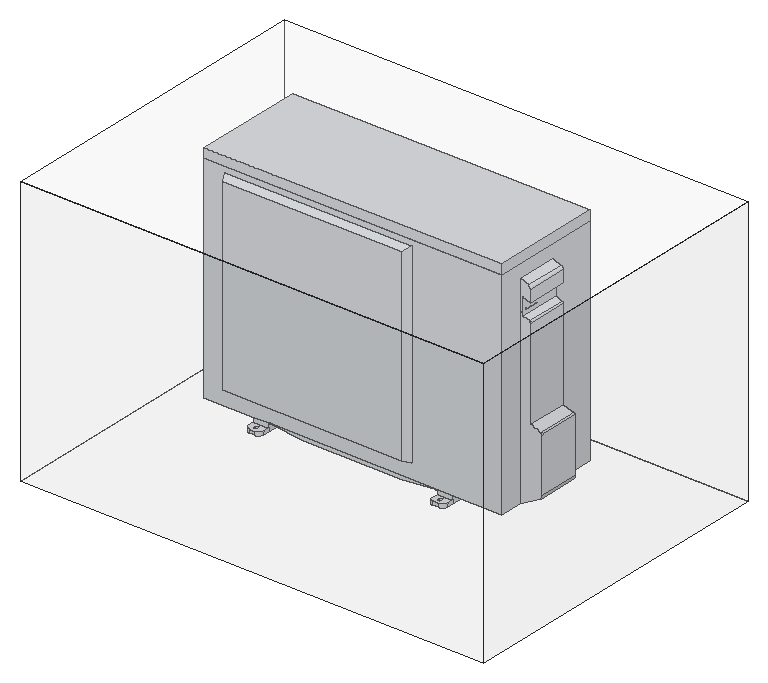
Revit family "puz-ermp40_63ska12_50Hz", category 機械設備, Revit 2019
Family settings
  丸型コネクタ寸法 = 直径を使用
  パーツ タイプ = 標準
  OmniClass 番号 = 23.75.10.24.21.27.27
  OmniClass タイトル = Split System Air Conditioning Units
  作業面ベース = いいえ
  常に垂直 = はい
  ロード時にボイドで切り取り = いいえ
  共有 = いいえ
  部屋計算ポイント = いいえ
Parameters (values of type "PUZ-ERMP63KA12")
  音響パワーレベル（冷）(dB) = 65
  音響パワーレベル(dB) = 67
  電源種別 = ""
  電源位置Y = 61 mm
  電源位置Z = 497.7 mm
  電源位置X = 400 mm
  電圧 = 200 V
  電動機出力_送風機 = 0.04 kW
  電動機出力_圧縮機 = 1.3 kW
  集中コントローラ [instance] = ""
  運転質量 = 0.00 kg
  運転方法 = "冷暖切替"
  質量 = if(製品質量 > 運転質量, 製品質量, 運転質量) * 1.2  # 46.80 kg
  負荷分類 = 1_熱源類
  説明 = "空冷H/P PAC インバータ室外機"
  設計暖房能力 [instance] = 0 kW
  設計冷房能力_顕熱 [instance] = 0 kW
  設計冷房能力 [instance] = 0 kW
  設置方法 = "床置形"
  記号 [instance] = ""
  製造元 = "三菱電機株式会社"
  製品質量 = 39.00 kg
  製品出荷対象 = "国内"
  製品リリース年月 = "2022/10/11"
  製品グループ = ""
  系統 [instance] = ""
  符号 = "PAC"
  積算_科目 = "1 空気調和設備"
  積算_拾い区分 [instance] = ""
  相 = 3
  盤記号 [instance] = ""
  発停方法 = "付属スイッチ"
  特殊仕様 [instance] = ""
  消費電力_暖房 = 1.4 kW
  消費電力_冷房 = 1.38 kW
  消費電力 = if(消費電力_冷房 > 消費電力_暖房, 消費電力_冷房, 消費電力_暖房)  # 1.4 kW
  法定耐用年数 = "6"
  構成品番 = "PUZ-ERMP63KA"
  極数 = 3
  材質 [instance] = ""
  本体マテリアル = none
  最小電線太さ_mm2 = 1.6
  最大電流値 = 0 A
  暖房能力 = 6.3 kW
  推奨ブレーカー容量 = 15 A
  据付ピッチ1 = 0 mm
  形式 = "パッケージ形 室外機"
  形名 = PUZ-ZRMP-1 : PUZ-ZRMP-1
  幹線記号 [instance] = ""
  始動方式 = "インバータ始動方式"
  呼称 = "パッケージ形空気調和機_室外機"
  周波数 = 50 Hz
  価格 = 659000
  ドレン　位置Z = 8.5 mm
  ドレン　位置Y = 48.5 mm
  ドレン　位置X = 404.5 mm
  アンカーボルト位置Y = 330 mm
  アンカーボルト位置X = 500 mm
  参照している仕様書等のバージョン = "公共建築物標準仕様書（機械設備工事編）平成31年度版"
  分類コード = "50053003126100"
  分類グループ = ""
  冷房能力 = 5.6 kW
  冷媒管（ガス）位置X = 420 mm
  冷媒管（液）位置X = 420 mm
  冷媒管（液）位置Y = 153.75 mm
  冷媒管（ガス）位置Y = 153.75 mm
  冷媒管長 [instance] = 0 mm
  冷媒管径符号 = "Ac"
  冷媒管径 = 60.00 mm
  冷媒管位置Z = 158.95 mm
  冷媒管位置Y = (冷媒管（液）位置Y + 冷媒管（ガス）位置Y) / 2  # 153.75 mm
  冷媒管位置X = (冷媒管（液）位置X + 冷媒管（ガス）位置X) / 2  # 420 mm
  冷媒液管径 = 6.35 mm
  冷媒ガス管径 = 12.70 mm
  企業コード = "108420"
  付属品 [instance] = ""
  仕様書バージョン = "Version1.0"
  ユニット数 = 1
  ユニット3 = yes
  ユニット2 = yes
  Model = ""
  ドレン管径 = 42.00 mm
  サービススペース = yes
  コメント [instance] = ""
  ケーブル種類1 = ""
  Width = 809 mm
  Version = ""
  Uniclass2015Version = "Systems v1.9"
  Uniclass2015Title = "Split coil remote air cooled condensing units"
  Uniclass2015Code = "Pr_70_65_03_84"
  URL = "https://www.mitsubishielectric.co.jp/ldg/wink/ssl/displayProduct.do?pid=323565"
  SpecificationReference = ""
  SpecificationDescription = ""
  Revision = ""
  ProductInformation = ""
  OmniClassCode = "23-33 17 13 11"
  IfcTypeProduct = ""
  IfcProduct = ""
  IfcExportType = "AIRCONDITIONINGUNIT"
  IfcExportAs = "IfcUnitaryEquipmentType"
  Height = 630 mm
  Depth = 300 mm
  Clearance Top = 100 mm
  Clearance Right = 350 mm
  Clearance Left = 100 mm
  Clearance Front = 500 mm
  Clearance Bottom = 0 mm
  Clearance Back = 100 mm
  COP = 0
  Author = "三菱電機株式会社"
  APF = 0
Reference planes
  plane 1 "中心(正面/背面)": y = 74
  plane 2: z = 0
  plane 3 "中心(左/右)": x = 830
  plane 4 "右": x = 1234.5
  plane 5 "左": x = 425.5
  plane 6 "背面": y = 224
  plane 7 "正面": y = -76
  plane 8 "上部": z = 630
  plane 9 "Clearanse Top": z = 730
  plane 10 "SS_back": y = 324
  plane 11 "SS_front": y = -576
  plane 12 "SS_left": x = 325.5
  plane 13 "SS_right": x = 1584.5
  plane 14: z = 0
  plane 15: y = -15
  plane 16: x = 1230
  plane 17: z = 497.7
  plane 18: y = -13
  plane 19: y = 70.25
  plane 20: x = 1250
  plane 21: y = 175.5
  plane 22: x = 830
  plane 23: z = 10.5
  plane 24: z = 8.5
  plane 25: x = 580
  plane 26: x = 1080
  plane 27: y = 239
  plane 28: y = -91
Forms (mm)
  Extrusion 1, solid, detail levels fine
    sketch origin (0, -76, 0) x (1, 0, 0) y (0, 0, 1)
      loop
        circle (1230, 497.7) r 13.5
    from -63 to -61
  Extrusion 2, solid, detail levels fine
    sketch origin (-1437.329, -1524, 54) x (-1, 0, 0) y (0, -1, 0)
      loop
        circle (-2267.329, -1699.5) r 21
    from -45.5 to -43.5
  Sweep 3, solid, material <- "本体マテリアル", detail levels fine
    path origin (1250, 1296.25, 1200) x (0, 1, 0) y (0, 0, 1)
      loop
        line (-1226, -1041.05) -> (-1272.623, -1084.565)
    profile origin (1250, 46.939, 137.193) x (0, 0.682318, -0.731055) y (1, 0, 0)
      loop
        circle (0, 0) r 30
Lines and regions (mm)
  model lines, not visible
    curve 1: line (460, 178.667, 1289.179) -> (460, 297.73, 1289.179)
    curve 2: line (460, 178.667, 1056.056) -> (460, 178.667, 1289.179)
    curve 3: line (460, 297.73, 1056.056) -> (460, 178.667, 1056.056)
    curve 4: line (460, 297.73, 1289.179) -> (460, 297.73, 1056.056)
    curve 5: line (460, 47.598, 1289.179) -> (460, 166.661, 1289.179)
    curve 6: line (460, 47.598, 1056.056) -> (460, 47.598, 1289.179)
    curve 7: line (460, 166.661, 1056.056) -> (460, 47.598, 1056.056)
    curve 8: line (460, 166.661, 1289.179) -> (460, 166.661, 1056.056)
    curve 9: line (460, -83.471, 1289.179) -> (460, 35.592, 1289.179)
    curve 10: line (460, -83.471, 1056.056) -> (460, -83.471, 1289.179)
    curve 11: line (460, 35.592, 1056.056) -> (460, -83.471, 1056.056)
    curve 12: line (460, 35.592, 1289.179) -> (460, 35.592, 1056.056)
    curve 13: line (460, -150.779, 1289.179) -> (460, -95.75, 1289.179)
    curve 14: line (460, -150.779, 1056.056) -> (460, -150.779, 1289.179)
    curve 15: line (460, -95.75, 1056.056) -> (460, -150.779, 1056.056)
    curve 16: line (460, -95.75, 1289.179) -> (460, -95.75, 1056.056)
    curve 17: line (460, -150.779, 1283.175) -> (460, -132.596, 1283.175)
    curve 18: line (460, -150.779, 1062.059) -> (460, -150.779, 1283.175)
    curve 19: line (460, -132.596, 1062.059) -> (460, -150.779, 1062.059)
    curve 20: line (460, -132.596, 1283.175) -> (460, -132.596, 1062.059)
    curve 21: line (460, 178.667, 1046.051) -> (460, 297.73, 1046.051)
    curve 22: line (460, 178.667, 812.928) -> (460, 178.667, 1046.051)
    curve 23: line (460, 297.73, 812.928) -> (460, 178.667, 812.928)
    curve 24: line (460, 297.73, 1046.051) -> (460, 297.73, 812.928)
    curve 25: line (460, 47.598, 1046.051) -> (460, 166.661, 1046.051)
    curve 26: line (460, 47.598, 812.928) -> (460, 47.598, 1046.051)
    curve 27: line (460, 166.661, 812.928) -> (460, 47.598, 812.928)
    curve 28: line (460, 166.661, 1046.051) -> (460, 166.661, 812.928)
    curve 29: line (460, -83.471, 1046.051) -> (460, 35.592, 1046.051)
    curve 30: line (460, -83.471, 812.928) -> (460, -83.471, 1046.051)
    curve 31: line (460, 35.592, 812.928) -> (460, -83.471, 812.928)
    curve 32: line (460, 35.592, 1046.051) -> (460, 35.592, 812.928)
    curve 33: line (460, -150.779, 1046.051) -> (460, -95.75, 1046.051)
    curve 34: line (460, -150.779, 812.928) -> (460, -150.779, 1046.051)
    curve 35: line (460, -95.75, 812.928) -> (460, -150.779, 812.928)
    curve 36: line (460, -95.75, 1046.051) -> (460, -95.75, 812.928)
    curve 37: line (460, -150.779, 1040.048) -> (460, -132.596, 1040.048)
    curve 38: line (460, -150.779, 818.931) -> (460, -150.779, 1040.048)
    curve 39: line (460, -132.596, 818.931) -> (460, -150.779, 818.931)
    curve 40: line (460, -132.596, 1040.048) -> (460, -132.596, 818.931)
    curve 41: line (460, 178.667, 802.923) -> (460, 297.73, 802.923)
    curve 42: line (460, 178.667, 569.8) -> (460, 178.667, 802.923)
    curve 43: line (460, 297.73, 569.8) -> (460, 178.667, 569.8)
    curve 44: line (460, 297.73, 802.923) -> (460, 297.73, 569.8)
    curve 45: line (460, 47.598, 802.923) -> (460, 166.661, 802.923)
    curve 46: line (460, 47.598, 569.8) -> (460, 47.598, 802.923)
    curve 47: line (460, 166.661, 569.8) -> (460, 47.598, 569.8)
    curve 48: line (460, 166.661, 802.923) -> (460, 166.661, 569.8)
    curve 49: line (460, -83.471, 802.923) -> (460, 35.592, 802.923)
    curve 50: line (460, -83.471, 569.8) -> (460, -83.471, 802.923)
    curve 51: line (460, 35.592, 569.8) -> (460, -83.471, 569.8)
    curve 52: line (460, 35.592, 802.923) -> (460, 35.592, 569.8)
    curve 53: line (460, -150.779, 802.923) -> (460, -95.75, 802.923)
    curve 54: line (460, -150.779, 569.8) -> (460, -150.779, 802.923)
    curve 55: line (460, -95.75, 569.8) -> (460, -150.779, 569.8)
    curve 56: line (460, -95.75, 802.923) -> (460, -95.75, 569.8)
    curve 57: line (460, -150.779, 796.92) -> (460, -132.596, 796.92)
    curve 58: line (460, -150.779, 575.803) -> (460, -150.779, 796.92)
    curve 59: line (460, -132.596, 575.803) -> (460, -150.779, 575.803)
    curve 60: line (460, -132.596, 796.92) -> (460, -132.596, 575.803)
    curve 61: line (460, 178.667, 559.795) -> (460, 297.73, 559.795)
    curve 62: line (460, 178.667, 326.672) -> (460, 178.667, 559.795)
    curve 63: line (460, 297.73, 326.672) -> (460, 178.667, 326.672)
    curve 64: line (460, 297.73, 559.795) -> (460, 297.73, 326.672)
    curve 65: line (460, 47.598, 559.795) -> (460, 166.661, 559.795)
    curve 66: line (460, 47.598, 326.672) -> (460, 47.598, 559.795)
    curve 67: line (460, 166.661, 326.672) -> (460, 47.598, 326.672)
    curve 68: line (460, 166.661, 559.795) -> (460, 166.661, 326.672)
    curve 69: line (460, -83.471, 559.795) -> (460, 35.592, 559.795)
    curve 70: line (460, -83.471, 326.672) -> (460, -83.471, 559.795)
    curve 71: line (460, 35.592, 326.672) -> (460, -83.471, 326.672)
    curve 72: line (460, 35.592, 559.795) -> (460, 35.592, 326.672)
    curve 73: line (460, -150.779, 559.795) -> (460, -95.75, 559.795)
    curve 74: line (460, -150.779, 326.672) -> (460, -150.779, 559.795)
    curve 75: line (460, -95.75, 326.672) -> (460, -150.779, 326.672)
    curve 76: line (460, -95.75, 559.795) -> (460, -95.75, 326.672)
    curve 77: line (460, -150.779, 553.792) -> (460, -132.596, 553.792)
    curve 78: line (460, -150.779, 332.675) -> (460, -150.779, 553.792)
    curve 79: line (460, -132.596, 332.675) -> (460, -150.779, 332.675)
    curve 80: line (460, -132.596, 553.792) -> (460, -132.596, 332.675)
    curve 81: line (460, 178.667, 316.667) -> (460, 297.73, 316.667)
    curve 82: line (460, 178.667, 83.544) -> (460, 178.667, 316.667)
    curve 83: line (460, 297.73, 83.544) -> (460, 178.667, 83.544)
    curve 84: line (460, 297.73, 316.667) -> (460, 297.73, 83.544)
    curve 85: line (460, 47.598, 316.667) -> (460, 166.661, 316.667)
    curve 86: line (460, 47.598, 83.544) -> (460, 47.598, 316.667)
    curve 87: line (460, 166.661, 83.544) -> (460, 47.598, 83.544)
    curve 88: line (460, 166.661, 316.667) -> (460, 166.661, 83.544)
    curve 89: line (460, -83.471, 316.667) -> (460, 35.592, 316.667)
    curve 90: line (460, -83.471, 83.544) -> (460, -83.471, 316.667)
    curve 91: line (460, 35.592, 83.544) -> (460, -83.471, 83.544)
    curve 92: line (460, 35.592, 316.667) -> (460, 35.592, 83.544)
    curve 93: line (460, -150.779, 316.667) -> (460, -95.75, 316.667)
    curve 94: line (460, -150.779, 83.544) -> (460, -150.779, 316.667)
    curve 95: line (460, -95.75, 83.544) -> (460, -150.779, 83.544)
    curve 96: line (460, -95.75, 316.667) -> (460, -95.75, 83.544)
    curve 97: line (460, -150.779, 310.664) -> (460, -132.596, 310.664)
    curve 98: line (460, -150.779, 89.547) -> (460, -150.779, 310.664)
    curve 99: line (460, -132.596, 89.547) -> (460, -150.779, 89.547)
    curve 100: line (460, -132.596, 310.664) -> (460, -132.596, 89.547)
Dimensions and locks
  equal spacing: plane 7 "正面", plane 1 "中心(正面/背面)", plane 6 "背面"
  "Depth": plane 7 "正面" to plane 6 "背面"
  "Width": plane 5 "左" to plane 4 "右"
  equal spacing: plane 5 "左", plane 3 "中心(左/右)", plane 4 "右"
  "Clearance Left": plane 12 "SS_left" to plane 5 "左"
  "Clearance Right": plane 4 "右" to plane 13 "SS_right"
  "Clearance Back": plane 6 "背面" to plane 10 "SS_back"
  "Clearance Front": plane 11 "SS_front" to plane 7 "正面"
  "Height": plane 8 "上部" to level
  "Clearance Top": plane 9 "Clearanse Top" to plane 8 "上部"
  "Clearance Bottom": level to plane 14
  "電源位置X": plane 3 "中心(左/右)" to plane 16
  "電源位置Y": plane 7 "正面" to plane 15
  "電源位置Z": plane 17 to level
  locked: plane 15 to plane 18 at 2
  "冷媒管位置X": plane 3 "中心(左/右)" to plane 20
  "冷媒管位置Y": plane 19 to plane 6 "背面"
  "ドレン　位置X": plane 5 "左" to plane 22
  "ドレン　位置Y": plane 21 to plane 6 "背面"
  locked: plane 23 to plane 24 at 2
  "ドレン　位置Z": plane 24 to level
  equal spacing: plane 28, plane 1 "中心(正面/背面)", plane 27
  "アンカーボルト位置Y": plane 28 to plane 27
  equal spacing: plane 25, plane 3 "中心(左/右)", plane 26
  "アンカーボルト位置X": plane 25 to plane 26
  radius of Extrusion 1 sketch curve = 13.5 mm
  "ドレン管径": diameter of Extrusion 2 sketch curve
  "冷媒管径": diameter of Sweep 3 sketch curve
  aligned and locked: level to plane 2
  aligned and locked: plane 10 "SS_back" to nested 1  (x2)
  aligned and locked: plane 13 "SS_right" to nested 1
  aligned and locked: plane 12 "SS_left" to nested 1  (x2)
  aligned and locked: nested 1 to plane 13 "SS_right"
  aligned and locked: plane 11 "SS_front" to nested 1
  aligned and locked: plane 9 "Clearanse Top" to nested 1
  aligned and locked: plane 1 "中心(正面/背面)" to nested 2
  aligned and locked: plane 3 "中心(左/右)" to nested 2
  aligned and locked: plane 14 to nested 1
  aligned and locked: plane 17 to Extrusion 1 sketch curve
  aligned and locked: plane 16 to Extrusion 1 sketch curve
  aligned and locked: Extrusion 1 to plane 18
  aligned and locked: plane 15 to Extrusion 1
  aligned and locked: plane 22 to Extrusion 2 sketch curve
  aligned and locked: plane 21 to Extrusion 2 sketch curve
  aligned and locked: plane 23 to Extrusion 2
  aligned and locked: Extrusion 2 to plane 24
  aligned and locked: plane 25 to nested 3
  aligned and locked: plane 27 to nested 3
Automatic sketch dimensions
  Sweep 3 sketch curve to plane 18 = 36.627 mm
  plane 1 "中心(正面/背面)" to Sweep 3 sketch curve = 3.75 mm
  plane 23 to Sweep 3 sketch curve = 104.935 mm
  Sweep 3 sketch curve to Sweep 3 sketch curve = 43.515 mm
  Sweep 3 sketch curve to plane 20 = 0 mm
  Sweep 3 sketch curve to profile plane = 0 mm
Nested families
  nested 1: "サービススペース" at (955, -126, 365), visible <- "サービススペース", type "サービススペース"
    with Width 1259 mm, Height 730 mm, Depth 900 mm
  nested 2: "PUZ-ZRMP-1" at (830, 74, 0), type <- "形名", type "PUZ-ZRMP-1"
  nested 3: "固定点" at (580, -91, 0), type "固定点"
    with 中心円 10 mm, W 500 mm, D 330 mm
Connectors
  electrical at (1230, -15, 497.7), driven by "極数", driven by "負荷分類", driven by "電圧", driven by "消費電力"
    settings: on Extrusion 1, index 2, voltage 200 V, apparent load 1400 VA, apparent load phase1 0 VA, apparent load phase2 0 VA, apparent load phase3 0 VA, power factor 1, load classification "1_熱源類", number of poles 3, system type 30, power factor state 1, is connector primary yes, connector utility no, sub classification motor no, connector description ""
  piping at (1250, 70.25, 158.95), diameter 60, driven by "冷媒管径", driven by "冷媒管径符号"
    settings: on Sweep 3, index 3, connector inside diameter 609.60 mm, connector length 0 mm, flow factor 0, pipe flow 0.0 L/s, pressure drop 0.0 Pa, fitting loss kfactor 0, connector angle 0.00°, fixture units 0, engagement length 0 mm, angle of deflection 0.00°, flow configuration 1, flow direction 2, fitting loss method 4, system type 7, joint type 0, gender type 0, connector reference index -1, connector utility 0, adjustable connector no, is connector primary yes, connector description "Ac"
Definition of nested family "サービススペース"
  Parameters (values of type "サービススペース")
    Width [instance] = 500 mm
    Height [instance] = 500 mm
    Depth [instance] = 500 mm
  Reference planes
    plane 1 "中心(正面/背面)": y = 0
    plane 2: z = 0
    plane 3 "中心(左/右)": x = 0
    plane 4: y = -250
    plane 5: x = 250
    plane 6: y = 250
    plane 7: x = -250
    plane 8: z = 250
    plane 9: z = -250
  Forms (mm)
    Extrusion 1, solid
      sketch origin (-638.939, 0, 72.39) x (1, 0, 0) y (0, 1, 0)
        loop
          line (388.939, 250) -> (388.939, -250) -> (888.939, -250) -> (888.939, 250) -> (388.939, 250)
      from -322.39 to 177.61
  Lines and regions (mm)
    symbolic lines
      curve 1: line (-250, 0, 250) -> (250, 0, 250)
      curve 2: line (-250, 0, -250) -> (-250, 0, 250)
      curve 3: line (250, 0, -250) -> (-250, 0, -250)
      curve 4: line (250, 0, 250) -> (250, 0, -250)
      curve 5: line (0, -250, 250) -> (0, 250, 250)
      curve 6: line (0, -250, -250) -> (0, -250, 250)
      curve 7: line (0, 250, -250) -> (0, -250, -250)
      curve 8: line (0, 250, 250) -> (0, 250, -250)
      curve 9: line (-250, 250, 0) -> (250, 250, 0)
      curve 10: line (-250, -250, 0) -> (-250, 250, 0)
      curve 11: line (250, -250, 0) -> (-250, -250, 0)
      curve 12: line (250, 250, 0) -> (250, -250, 0)
  Dimensions and locks
    equal spacing: plane 7, plane 3 "中心(左/右)", plane 5
    equal spacing: plane 4, plane 1 "中心(正面/背面)", plane 6
    "Depth": plane 4 to plane 6
    "Width": plane 7 to plane 5
    equal spacing: plane 8, plane 2, plane 9
    "Height": plane 8 to plane 9
    aligned and locked: plane 9 to curve 3
    aligned and locked: plane 7 to curve 2
    aligned and locked: curve 4 to plane 5
    aligned and locked: plane 5 to Extrusion 1
    aligned and locked: Extrusion 1 to plane 7
    aligned and locked: Extrusion 1 to plane 9
    aligned and locked: plane 8 to Extrusion 1
    aligned and locked: plane 9 to curve 7
  Automatic sketch dimensions
    plane 4 to Extrusion 1 sketch curve = 0 mm
    Extrusion 1 sketch curve to plane 7 = 0 mm
    Extrusion 1 sketch curve to plane 5 = 0 mm
    plane 6 to Extrusion 1 sketch curve = 0 mm
    curve 2 to plane 8 = 0 mm
    plane 4 to curve 11 = 0 mm
    curve 11 to plane 7 = 0 mm
    curve 11 to plane 5 = 0 mm
    plane 6 to curve 10 = 0 mm
    curve 7 to plane 4 = 0 mm
    curve 7 to plane 6 = 0 mm
    curve 6 to plane 8 = 0 mm
Definition of nested family "PUZ-ZRMP-1"
  Parameters (values of type "PUZ-ZRMP-1")
    配線取出口サイズ = 27 mm
    配線取出口-Z = 497.7 mm
    配線取出口-Y = 239 mm
    配線取出口-X = 400 mm
    液配管サイズ = 50 mm
    高さ = 630 mm
    換気-W = 310 mm
    換気-H2 = 632 mm
    換気-H1 = 325 mm
    換気-D = 20 mm
    奥行き = 300 mm
    吊りボルト_H = 0 mm
    吊りボルト-φ = 10 mm
    冷媒配管サイズ = 6.35 mm
    冷媒液管径-Z = 164.5 mm
    冷媒液管径-Y = 185.5 mm
    冷媒液管径-X = 420 mm
    冷媒ガス管径-Z = 99.5 mm
    冷媒ガス管径-Y = 185.5 mm
    冷媒ガス管径-X = 420 mm
    吊りボルト-W = 500 mm
    マテリアル = none
    ドレン配管サイズ = 42 mm
    ドレン管径-Z = 0 mm
    ドレン管径-Y = 251.5 mm
    ドレン管径-X = 404.5 mm
    タイプ3 = no
    タイプ2 = no
    タイプ1 = yes
    ガス配管サイズ = 12.7 mm
    吊りボルト-D = 330 mm
    幅さ = 809 mm
    a = 600 mm
  Reference planes
    plane 1 "中心(正面/背面)": y = 0
    plane 2: z = 0
    plane 3 "中心(左/右)": x = 0
    plane 4: z = 630
    plane 5: x = -404.5
    plane 6: x = 404.5
    plane 7: y = 150
    plane 8: y = -150
    plane 9: x = 466.5
    plane 10: y = -90
    plane 11: y = 20
    plane 12: z = 605
    plane 13: x = -424.5
    plane 14: x = -250
    plane 15: x = 250
    plane 16: y = 165
    plane 17: y = -165
    plane 18: x = 270
    plane 19: x = 230
    plane 20: x = -230
    plane 21: x = -270
    plane 22: y = 180
    plane 23: y = -180
    plane 24: z = 8.5
    plane 25: z = 20
    plane 26: z = 11.5
    plane 27: x = -135
    plane 28: x = 135
    plane 29: z = 625
    plane 30: y = -40
    plane 31: y = 40
    plane 32: y = -30
    plane 33: y = 30
    plane 34: z = 610
    plane 35: z = 55
    plane 36: z = 225
    plane 37: z = 570
    plane 38: x = 414.5
    plane 39: x = 435.5
    plane 40: y = -170
    plane 41: x = -94.5
    plane 42: z = 325
    plane 43: x = 159.5
    plane 44: x = -348.5
    plane 45: z = 589
    plane 46: z = 61
    plane 47: x = -338.5
    plane 48: x = 149.5
    plane 49: z = 579
    plane 50: z = 71
    plane 51: y = 100
    plane 52: y = -100
    plane 53: x = 0
    plane 54: y = 101.5
    plane 55: x = 420
    plane 56: x = 400
    plane 57: y = -89
    plane 58: y = -35.5
    plane 59: y = -35.5
    plane 60: x = 420
    plane 61: z = 99.5
    plane 62: z = 164.5
    plane 63: z = 497.7
    plane 64: y = -39
    plane 65: z = 137.3
    plane 66: z = 180.6
    plane 67: x = 420
    plane 68: y = -35.5
    plane 69 "グループ": x = -600
    plane 70: z = 1338
    plane 71: z = 943
    plane 72: z = 957
    plane 73: z = 1221
    plane 74: z = 693
    plane 75: z = 1211
    plane 76: z = 703
    plane 77: y = -12.5
    plane 78: y = 5
    plane 79: y = -3.75
  Forms (mm)
    Extrusion 1, solid, visible <- "タイプ1", detail levels fine
      sketch origin (-1437.329, -1524, 630) x (-1, 0, 0) y (0, -1, 0)
        loop
          line (-1167.329, -1674) -> (-1167.329, -1374) -> (-1207.329, -1374) -> (-1207.329, -1674) -> (-1167.329, -1674)
        loop
          line (-1667.329, -1674) -> (-1667.329, -1374) -> (-1707.329, -1374) -> (-1707.329, -1674) -> (-1667.329, -1674)
      from -630 to -610
    Extrusion 2, solid, material <- "マテリアル", visible <- "タイプ1", detail levels fine
      sketch origin (0, 0, 0) x (1, 0, 0) y (0, 0, 1)
        loop
          line (-230, 20) -> (-135, 11.5) -> (135, 11.5) -> (230, 20) -> (-230, 20)
      from -150 to 150
    Extrusion 3, solid, material <- "マテリアル", visible <- "タイプ1", detail levels fine
      sketch origin (-1437.329, -1524, 630) x (-1, 0, 0) y (0, -1, 0)
        loop
          circle (-1437.329, -1625.5) r 21
      from -621.5 to -618.5
    Extrusion 4, solid, material <- "マテリアル", visible <- "タイプ1", detail levels fine
      sketch origin (-1437.329, -1524, 630) x (-1, 0, 0) y (0, -1, 0)
        loop
          line (-1841.829, -1674) -> (-1032.829, -1674) -> (-1032.829, -1374) -> (-1841.829, -1374) -> (-1841.829, -1674)
      from -610 to -25
    Extrusion 5, solid, material <- "マテリアル", visible <- "タイプ1", detail levels fine
      sketch origin (-1437.329, -1524, 630) x (-1, 0, 0) y (0, -1, 0)
        loop
          line (-1032.829, -1674) -> (-1032.829, -1374) -> (-1841.829, -1374) -> (-1841.829, -1674) -> (-1032.829, -1674)
      from -25 to 0
    Blend 6, solid, material <- "マテリアル", visible <- "タイプ1", detail levels fine
      base sketch origin (0, 0, 0) x (0, 1, 0) y (0, 0, 1)
        loop
          line (40, 625) -> (-40, 625) -> (-40, 605) -> (40, 605) -> (40, 625)
      top sketch origin (0, 0, 0) x (0, 1, 0) y (0, 0, 1)
        loop
          line (30, 610) -> (-30, 610) -> (-30, 605) -> (30, 605) -> (30, 610)
      from -404.5 to -424.5
    Extrusion 7, solid, material <- "マテリアル", visible <- "タイプ1", detail levels fine
      sketch origin (0, 0, 0) x (1, 0, 0) y (0, 0, 1)
        loop
          line (404.5, 570) -> (404.5, 20) -> (461.416, 52.13)
          arc (461.416, 52.13) -> (465.136, 55.796) -> (466.5, 60.838) r 10
          line (466.5, 60.838) -> (466.5, 210.216)
          arc (466.5, 210.216) -> (465.596, 213.084) -> (463.21, 214.914) r 5
          line (463.21, 214.914) -> (435.5, 225) -> (435.5, 470.082)
          arc (435.5, 470.082) -> (434.596, 472.95) -> (432.21, 474.78) r 5
          line (432.21, 474.78) -> (414.5, 481.226) -> (414.5, 529.114) -> (435.5, 521.471) -> (435.5, 551.715)
          arc (435.5, 551.715) -> (433.692, 557.451) -> (428.92, 561.112) r 10
          line (428.92, 561.112) -> (404.5, 570)
      from -20 to 90
    Blend 8, solid, material <- "マテリアル", visible <- "タイプ1", detail levels fine
      base sketch origin (0, 0, 0) x (1, 0, 0) y (0, 0, 1)
        loop
          line (-348.5, 589) -> (-348.5, 61) -> (159.5, 61) -> (159.5, 589) -> (-348.5, 589)
      top sketch origin (0, 0, 0) x (1, 0, 0) y (0, 0, 1)
        loop
          line (-338.5, 579) -> (-338.5, 71) -> (149.5, 71) -> (149.5, 579) -> (-338.5, 579)
      from 150 to 170
    Extrusion 9, solid, material <- "マテリアル", visible <- "タイプ1", detail levels fine
      sketch origin (1480.036, -170, 1200) x (1, 0, 0) y (0, 0, 1)
        loop
          circle (-1080.036, -702.3) r 13.5
      from -131 to -81
    Extrusion 10, solid, visible <- "タイプ1", detail levels fine
      sketch origin (-1437.329, -1524, 630) x (-1, 0, 0) y (0, -1, 0)
        loop
          line (-1167.329, -1704) -> (-1167.329, -1674) -> (-1207.329, -1674) -> (-1207.329, -1704) -> (-1192.329, -1704) -> (-1192.329, -1689)
          arc (-1192.329, -1689) -> (-1187.329, -1684) -> (-1182.329, -1689) r 5
          line (-1182.329, -1689) -> (-1182.329, -1704) -> (-1167.329, -1704)
        loop
          line (-1667.329, -1704) -> (-1667.329, -1674) -> (-1707.329, -1674) -> (-1707.329, -1704) -> (-1692.329, -1704) -> (-1692.329, -1689)
          arc (-1692.329, -1689) -> (-1687.329, -1684) -> (-1682.329, -1689) r 5
          line (-1682.329, -1689) -> (-1682.329, -1704) -> (-1667.329, -1704)
        loop
          line (-1667.329, -1374) -> (-1667.329, -1354)
          arc (-1667.329, -1354) -> (-1670.258, -1346.929) -> (-1677.329, -1344) r 10
          line (-1677.329, -1344) -> (-1694.129, -1344)
          arc (-1694.129, -1344) -> (-1703.463, -1347.866) -> (-1707.329, -1357.2) r 13.2
          line (-1707.329, -1357.2) -> (-1707.329, -1374) -> (-1667.329, -1374)
        loop
          line (-1167.329, -1374) -> (-1167.329, -1357.2)
          arc (-1167.329, -1357.2) -> (-1171.196, -1347.866) -> (-1180.529, -1344) r 13.2
          line (-1180.529, -1344) -> (-1194.129, -1344)
          arc (-1194.129, -1344) -> (-1203.463, -1347.866) -> (-1207.329, -1357.2) r 13.2
          line (-1207.329, -1357.2) -> (-1207.329, -1374) -> (-1167.329, -1374)
        loop
          arc (-1192.329, -1359) -> (-1187.329, -1364) -> (-1182.329, -1359) r 5
          line (-1182.329, -1359) -> (-1182.329, -1357.2)
          arc (-1182.329, -1357.2) -> (-1187.329, -1352.2) -> (-1192.329, -1357.2) r 5
          line (-1192.329, -1357.2) -> (-1192.329, -1359)
        loop
          arc (-1692.329, -1359) -> (-1687.329, -1364) -> (-1682.329, -1359) r 5
          line (-1682.329, -1359) -> (-1682.329, -1357.2)
          arc (-1682.329, -1357.2) -> (-1687.329, -1352.2) -> (-1692.329, -1357.2) r 5
          line (-1692.329, -1357.2) -> (-1692.329, -1359)
      from -621.5 to -630
    Sweep 11, solid, material <- "マテリアル", visible <- "タイプ1", detail levels fine
      path origin (420, 1296.25, 1200) x (0, 1, 0) y (0, 0, 1)
        loop
          line (-1331.75, -1035.5) -> (-1308.75, -1019.4)
      profile origin (420, -24, 172.55) x (0, -0.573462, 0.819232) y (1, 0, 0)
        loop
          circle (0, 0) r 3.175
    Sweep 12, solid, material <- "マテリアル", visible <- "タイプ1", detail levels fine
      path origin (420, 1296.25, 1200) x (0, 1, 0) y (0, 0, 1)
        loop
          line (-1331.75, -1100.5) -> (-1291.25, -1062.7)
      profile origin (420, -15.25, 118.4) x (0, -0.682318, 0.731055) y (1, 0, 0)
        loop
          circle (0, 0) r 6.35
  Lines and regions (mm)
    Masking region 1, visible <- "タイプ1", detail levels coarse+medium
      outline origin (-1437.329, -1524, 630) x (-1, 0, 0) y (0, -1, 0)
        loop
          line (-1841.829, -1674) -> (-1707.329, -1674) -> (-1707.329, -1704) -> (-1667.329, -1704) -> (-1667.329, -1674) -> (-1207.329, -1674) -> (-1207.329, -1704) -> (-1167.329, -1704) -> (-1167.329, -1674) -> (-1032.829, -1674) -> (-1032.829, -1564) -> (-1012.829, -1554) -> (-1012.829, -1494) -> (-1032.829, -1484) -> (-1032.829, -1374) -> (-1088.829, -1374) -> (-1098.829, -1354) -> (-1164.523, -1354)
          arc (-1164.523, -1354) -> (-1169.205, -1346.796) -> (-1177.329, -1344) r 13.2
          line (-1177.329, -1344) -> (-1193.997, -1344)
          arc (-1193.997, -1344) -> (-1202.121, -1346.796) -> (-1206.804, -1354) r 13.2
          line (-1206.804, -1354) -> (-1586.829, -1354) -> (-1596.829, -1374) -> (-1667.329, -1374) -> (-1667.329, -1354)
          arc (-1667.329, -1354) -> (-1670.258, -1346.929) -> (-1677.329, -1344) r 10
          line (-1677.329, -1344) -> (-1694.129, -1344)
          arc (-1694.129, -1344) -> (-1703.463, -1347.866) -> (-1707.329, -1357.2) r 13.2
          line (-1707.329, -1357.2) -> (-1707.329, -1374) -> (-1841.829, -1374) -> (-1841.829, -1434) -> (-1903.829, -1434) -> (-1903.829, -1544) -> (-1841.829, -1544) -> (-1841.829, -1674)
    model lines, visible <- "タイプ1", detail levels fine
      curve 1: line (324.5, 100, 630) -> (-324.5, 100, 630)
      curve 2: line (-324.5, -100, 630) -> (324.5, -100, 630)
      curve 3: line (-324.5, -40, 630) -> (324.5, -40, 630)
      curve 4: line (324.5, 40, 630) -> (-324.5, 40, 630)
      curve 5: line (-324.5, -30, 630) -> (324.5, -30, 630)
      curve 6: line (324.5, 30, 630) -> (-324.5, 30, 630)
      curve 7: line (-324.5, 100, 630) -> (-324.5, 40, 630)
      curve 8: line (324.5, -100, 630) -> (324.5, -40, 630)
      curve 9: line (-324.5, 30, 630) -> (-324.5, -30, 630)
      curve 10: line (-324.5, -40, 630) -> (-324.5, -100, 630)
      curve 11: line (324.5, -30, 630) -> (324.5, 30, 630)
      curve 12: line (324.5, 40, 630) -> (324.5, 100, 630)
      curve 13: line (354.5, -100, 630) -> (354.5, 100, 630)
      curve 14: line (339.5, -100, 630) -> (339.5, 100, 630)
      curve 15: line (-354.5, 100, 630) -> (-354.5, -100, 630)
      curve 16: line (-339.5, 100, 630) -> (-339.5, -100, 630)
      curve 17: line (-339.5, 100, 630) -> (-354.5, 100, 630)
      curve 18: line (-339.5, -100, 630) -> (-354.5, -100, 630)
      curve 19: line (339.5, 100, 630) -> (354.5, 100, 630)
      curve 20: line (339.5, -100, 630) -> (354.5, -100, 630)
      curve 21: line (-338.5, -170, 372.5) -> (149.5, -170, 372.5)
      curve 22: line (149.5, -170, 277.5) -> (-338.5, -170, 277.5)
      curve 23: line (-338.5, -170, 467.5) -> (149.5, -170, 467.5)
      curve 24: line (-338.5, -170, 562.5) -> (149.5, -170, 562.5)
      curve 25: line (149.5, -170, 182.5) -> (-338.5, -170, 182.5)
      curve 26: line (149.5, -170, 87.5) -> (-338.5, -170, 87.5)
      curve 27: line (-321.071, -170, 579) -> (-321.071, -170, 71)
      curve 28: line (132.071, -170, 71) -> (132.071, -170, 579)
      curve 29: line (-303.643, -170, 579) -> (-303.643, -170, 71)
      curve 30: line (-286.214, -170, 579) -> (-286.214, -170, 71)
      curve 31: line (-268.786, -170, 579) -> (-268.786, -170, 71)
      curve 32: line (-251.357, -170, 579) -> (-251.357, -170, 71)
      curve 33: line (-233.929, -170, 579) -> (-233.929, -170, 71)
      curve 34: line (-216.5, -170, 579) -> (-216.5, -170, 71)
      curve 35: line (-199.071, -170, 579) -> (-199.071, -170, 71)
      curve 36: line (-181.643, -170, 579) -> (-181.643, -170, 71)
      curve 37: line (-164.214, -170, 579) -> (-164.214, -170, 71)
      curve 38: line (-146.786, -170, 579) -> (-146.786, -170, 71)
      curve 39: line (-129.357, -170, 579) -> (-129.357, -170, 71)
      curve 40: line (-111.929, -170, 579) -> (-111.929, -170, 71)
      curve 41: line (-94.5, -170, 579) -> (-94.5, -170, 71)
      curve 42: line (-77.071, -170, 579) -> (-77.071, -170, 71)
      curve 43: line (-59.643, -170, 579) -> (-59.643, -170, 71)
      curve 44: line (-42.214, -170, 579) -> (-42.214, -170, 71)
      curve 45: line (-24.786, -170, 579) -> (-24.786, -170, 71)
      curve 46: line (-7.357, -170, 579) -> (-7.357, -170, 71)
      curve 47: line (10.071, -170, 579) -> (10.071, -170, 71)
      curve 48: line (27.5, -170, 579) -> (27.5, -170, 71)
      curve 49: line (44.929, -170, 579) -> (44.929, -170, 71)
      curve 50: line (62.357, -170, 579) -> (62.357, -170, 71)
      curve 51: line (79.786, -170, 579) -> (79.786, -170, 71)
      curve 52: line (97.214, -170, 579) -> (97.214, -170, 71)
      curve 53: line (114.643, -170, 579) -> (114.643, -170, 71)
      curve 54: line (-404.5, -10, 574) -> (-404.5, -10, 584)
      curve 55: line (-404.5, -100, 584) -> (-404.5, -100, 574)
      curve 56: line (-404.5, 100, 584) -> (-404.5, 100, 574)
      curve 57: line (-404.5, 10, 584) -> (-404.5, 10, 574)
      curve 58: line (-404.5, 95, 589) -> (-404.5, 15, 589)
      curve 59: line (-404.5, -15, 589) -> (-404.5, -95, 589)
      curve 60: line (-404.5, -15, 569) -> (-404.5, -95, 569)
      curve 61: line (-404.5, 95, 569) -> (-404.5, 15, 569)
      curve 62: arc (-404.5, 100, 584) -> (-404.5, 98.536, 587.536) -> (-404.5, 95, 589) r 5
      curve 63: arc (-404.5, 95, 569) -> (-404.5, 98.536, 570.464) -> (-404.5, 100, 574) r 5
      curve 64: arc (-404.5, 10, 584) -> (-404.5, 11.464, 587.536) -> (-404.5, 15, 589) r 5
      curve 65: arc (-404.5, 10, 574) -> (-404.5, 11.464, 570.464) -> (-404.5, 15, 569) r 5
      curve 66: arc (-404.5, -10, 584) -> (-404.5, -11.464, 587.536) -> (-404.5, -15, 589) r 5
      curve 67: arc (-404.5, -15, 569) -> (-404.5, -11.464, 570.464) -> (-404.5, -10, 574) r 5
      curve 68: arc (-404.5, -95, 589) -> (-404.5, -98.536, 587.536) -> (-404.5, -100, 584) r 5
      curve 69: arc (-404.5, -100, 574) -> (-404.5, -98.536, 570.464) -> (-404.5, -95, 569) r 5
      curve 70: line (-404.5, -10, 544) -> (-404.5, -10, 554)
      curve 71: line (-404.5, -100, 554) -> (-404.5, -100, 544)
      curve 72: line (-404.5, 100, 554) -> (-404.5, 100, 544)
      curve 73: line (-404.5, 10, 554) -> (-404.5, 10, 544)
      curve 74: line (-404.5, 95, 559) -> (-404.5, 15, 559)
      curve 75: line (-404.5, -15, 559) -> (-404.5, -95, 559)
      curve 76: line (-404.5, -15, 539) -> (-404.5, -95, 539)
      curve 77: line (-404.5, 95, 539) -> (-404.5, 15, 539)
      curve 78: arc (-404.5, 100, 554) -> (-404.5, 98.536, 557.536) -> (-404.5, 95, 559) r 5
      curve 79: arc (-404.5, 95, 539) -> (-404.5, 98.536, 540.464) -> (-404.5, 100, 544) r 5
      curve 80: arc (-404.5, 10, 554) -> (-404.5, 11.464, 557.536) -> (-404.5, 15, 559) r 5
      curve 81: arc (-404.5, 10, 544) -> (-404.5, 11.464, 540.464) -> (-404.5, 15, 539) r 5
      curve 82: arc (-404.5, -10, 554) -> (-404.5, -11.464, 557.536) -> (-404.5, -15, 559) r 5
      curve 83: arc (-404.5, -15, 539) -> (-404.5, -11.464, 540.464) -> (-404.5, -10, 544) r 5
      curve 84: arc (-404.5, -95, 559) -> (-404.5, -98.536, 557.536) -> (-404.5, -100, 554) r 5
      curve 85: arc (-404.5, -100, 544) -> (-404.5, -98.536, 540.464) -> (-404.5, -95, 539) r 5
      curve 86: line (-404.5, -10, 514) -> (-404.5, -10, 524)
      curve 87: line (-404.5, -100, 524) -> (-404.5, -100, 514)
      curve 88: line (-404.5, 100, 524) -> (-404.5, 100, 514)
      curve 89: line (-404.5, 10, 524) -> (-404.5, 10, 514)
      curve 90: line (-404.5, 95, 529) -> (-404.5, 15, 529)
      curve 91: line (-404.5, -15, 529) -> (-404.5, -95, 529)
      curve 92: line (-404.5, -15, 509) -> (-404.5, -95, 509)
      curve 93: line (-404.5, 95, 509) -> (-404.5, 15, 509)
      curve 94: arc (-404.5, 100, 524) -> (-404.5, 98.536, 527.536) -> (-404.5, 95, 529) r 5
      curve 95: arc (-404.5, 95, 509) -> (-404.5, 98.536, 510.464) -> (-404.5, 100, 514) r 5
      curve 96: arc (-404.5, 10, 524) -> (-404.5, 11.464, 527.536) -> (-404.5, 15, 529) r 5
      curve 97: arc (-404.5, 10, 514) -> (-404.5, 11.464, 510.464) -> (-404.5, 15, 509) r 5
      curve 98: arc (-404.5, -10, 524) -> (-404.5, -11.464, 527.536) -> (-404.5, -15, 529) r 5
      curve 99: arc (-404.5, -15, 509) -> (-404.5, -11.464, 510.464) -> (-404.5, -10, 514) r 5
      curve 100: arc (-404.5, -95, 529) -> (-404.5, -98.536, 527.536) -> (-404.5, -100, 524) r 5
      curve 101: arc (-404.5, -100, 514) -> (-404.5, -98.536, 510.464) -> (-404.5, -95, 509) r 5
      curve 102: line (-404.5, -10, 484) -> (-404.5, -10, 494)
      curve 103: line (-404.5, -100, 494) -> (-404.5, -100, 484)
      curve 104: line (-404.5, 100, 494) -> (-404.5, 100, 484)
      curve 105: line (-404.5, 10, 494) -> (-404.5, 10, 484)
      curve 106: line (-404.5, 95, 499) -> (-404.5, 15, 499)
      curve 107: line (-404.5, -15, 499) -> (-404.5, -95, 499)
      curve 108: line (-404.5, -15, 479) -> (-404.5, -95, 479)
      curve 109: line (-404.5, 95, 479) -> (-404.5, 15, 479)
      curve 110: arc (-404.5, 100, 494) -> (-404.5, 98.536, 497.536) -> (-404.5, 95, 499) r 5
      curve 111: arc (-404.5, 95, 479) -> (-404.5, 98.536, 480.464) -> (-404.5, 100, 484) r 5
      curve 112: arc (-404.5, 10, 494) -> (-404.5, 11.464, 497.536) -> (-404.5, 15, 499) r 5
      curve 113: arc (-404.5, 10, 484) -> (-404.5, 11.464, 480.464) -> (-404.5, 15, 479) r 5
      curve 114: arc (-404.5, -10, 494) -> (-404.5, -11.464, 497.536) -> (-404.5, -15, 499) r 5
      curve 115: arc (-404.5, -15, 479) -> (-404.5, -11.464, 480.464) -> (-404.5, -10, 484) r 5
      curve 116: arc (-404.5, -95, 499) -> (-404.5, -98.536, 497.536) -> (-404.5, -100, 494) r 5
      curve 117: arc (-404.5, -100, 484) -> (-404.5, -98.536, 480.464) -> (-404.5, -95, 479) r 5
      curve 118: line (-404.5, -10, 454) -> (-404.5, -10, 464)
      curve 119: line (-404.5, -100, 464) -> (-404.5, -100, 454)
      curve 120: line (-404.5, 100, 464) -> (-404.5, 100, 454)
      curve 121: line (-404.5, 10, 464) -> (-404.5, 10, 454)
      curve 122: line (-404.5, 95, 469) -> (-404.5, 15, 469)
      curve 123: line (-404.5, -15, 469) -> (-404.5, -95, 469)
      curve 124: line (-404.5, -15, 449) -> (-404.5, -95, 449)
      curve 125: line (-404.5, 95, 449) -> (-404.5, 15, 449)
      curve 126: arc (-404.5, 100, 464) -> (-404.5, 98.536, 467.536) -> (-404.5, 95, 469) r 5
      curve 127: arc (-404.5, 95, 449) -> (-404.5, 98.536, 450.464) -> (-404.5, 100, 454) r 5
      curve 128: arc (-404.5, 10, 464) -> (-404.5, 11.464, 467.536) -> (-404.5, 15, 469) r 5
      curve 129: arc (-404.5, 10, 454) -> (-404.5, 11.464, 450.464) -> (-404.5, 15, 449) r 5
      curve 130: arc (-404.5, -10, 464) -> (-404.5, -11.464, 467.536) -> (-404.5, -15, 469) r 5
      curve 131: arc (-404.5, -15, 449) -> (-404.5, -11.464, 450.464) -> (-404.5, -10, 454) r 5
      curve 132: arc (-404.5, -95, 469) -> (-404.5, -98.536, 467.536) -> (-404.5, -100, 464) r 5
      curve 133: arc (-404.5, -100, 454) -> (-404.5, -98.536, 450.464) -> (-404.5, -95, 449) r 5
      curve 134: line (-404.5, -10, 424) -> (-404.5, -10, 434)
      curve 135: line (-404.5, -100, 434) -> (-404.5, -100, 424)
      curve 136: line (-404.5, 100, 434) -> (-404.5, 100, 424)
      curve 137: line (-404.5, 10, 434) -> (-404.5, 10, 424)
      curve 138: line (-404.5, 95, 439) -> (-404.5, 15, 439)
      curve 139: line (-404.5, -15, 439) -> (-404.5, -95, 439)
      curve 140: line (-404.5, -15, 419) -> (-404.5, -95, 419)
      curve 141: line (-404.5, 95, 419) -> (-404.5, 15, 419)
      curve 142: arc (-404.5, 100, 434) -> (-404.5, 98.536, 437.536) -> (-404.5, 95, 439) r 5
      curve 143: arc (-404.5, 95, 419) -> (-404.5, 98.536, 420.464) -> (-404.5, 100, 424) r 5
      curve 144: arc (-404.5, 10, 434) -> (-404.5, 11.464, 437.536) -> (-404.5, 15, 439) r 5
      curve 145: arc (-404.5, 10, 424) -> (-404.5, 11.464, 420.464) -> (-404.5, 15, 419) r 5
      curve 146: arc (-404.5, -10, 434) -> (-404.5, -11.464, 437.536) -> (-404.5, -15, 439) r 5
      curve 147: arc (-404.5, -15, 419) -> (-404.5, -11.464, 420.464) -> (-404.5, -10, 424) r 5
      curve 148: arc (-404.5, -95, 439) -> (-404.5, -98.536, 437.536) -> (-404.5, -100, 434) r 5
      curve 149: arc (-404.5, -100, 424) -> (-404.5, -98.536, 420.464) -> (-404.5, -95, 419) r 5
      curve 150: line (-404.5, -10, 394) -> (-404.5, -10, 404)
      curve 151: line (-404.5, -100, 404) -> (-404.5, -100, 394)
      curve 152: line (-404.5, 100, 404) -> (-404.5, 100, 394)
      curve 153: line (-404.5, 10, 404) -> (-404.5, 10, 394)
      curve 154: line (-404.5, 95, 409) -> (-404.5, 15, 409)
      curve 155: line (-404.5, -15, 409) -> (-404.5, -95, 409)
      curve 156: line (-404.5, -15, 389) -> (-404.5, -95, 389)
      curve 157: line (-404.5, 95, 389) -> (-404.5, 15, 389)
      curve 158: arc (-404.5, 100, 404) -> (-404.5, 98.536, 407.536) -> (-404.5, 95, 409) r 5
      curve 159: arc (-404.5, 95, 389) -> (-404.5, 98.536, 390.464) -> (-404.5, 100, 394) r 5
      curve 160: arc (-404.5, 10, 404) -> (-404.5, 11.464, 407.536) -> (-404.5, 15, 409) r 5
      curve 161: arc (-404.5, 10, 394) -> (-404.5, 11.464, 390.464) -> (-404.5, 15, 389) r 5
      curve 162: arc (-404.5, -10, 404) -> (-404.5, -11.464, 407.536) -> (-404.5, -15, 409) r 5
      curve 163: arc (-404.5, -15, 389) -> (-404.5, -11.464, 390.464) -> (-404.5, -10, 394) r 5
      curve 164: arc (-404.5, -95, 409) -> (-404.5, -98.536, 407.536) -> (-404.5, -100, 404) r 5
      curve 165: arc (-404.5, -100, 394) -> (-404.5, -98.536, 390.464) -> (-404.5, -95, 389) r 5
      curve 166: line (-404.5, -10, 364) -> (-404.5, -10, 374)
      curve 167: line (-404.5, -100, 374) -> (-404.5, -100, 364)
      curve 168: line (-404.5, 100, 374) -> (-404.5, 100, 364)
      curve 169: line (-404.5, 10, 374) -> (-404.5, 10, 364)
      curve 170: line (-404.5, 95, 379) -> (-404.5, 15, 379)
      curve 171: line (-404.5, -15, 379) -> (-404.5, -95, 379)
      curve 172: line (-404.5, -15, 359) -> (-404.5, -95, 359)
      curve 173: line (-404.5, 95, 359) -> (-404.5, 15, 359)
      curve 174: arc (-404.5, 100, 374) -> (-404.5, 98.536, 377.536) -> (-404.5, 95, 379) r 5
      curve 175: arc (-404.5, 95, 359) -> (-404.5, 98.536, 360.464) -> (-404.5, 100, 364) r 5
      curve 176: arc (-404.5, 10, 374) -> (-404.5, 11.464, 377.536) -> (-404.5, 15, 379) r 5
      curve 177: arc (-404.5, 10, 364) -> (-404.5, 11.464, 360.464) -> (-404.5, 15, 359) r 5
      curve 178: arc (-404.5, -10, 374) -> (-404.5, -11.464, 377.536) -> (-404.5, -15, 379) r 5
      curve 179: arc (-404.5, -15, 359) -> (-404.5, -11.464, 360.464) -> (-404.5, -10, 364) r 5
      curve 180: arc (-404.5, -95, 379) -> (-404.5, -98.536, 377.536) -> (-404.5, -100, 374) r 5
      curve 181: arc (-404.5, -100, 364) -> (-404.5, -98.536, 360.464) -> (-404.5, -95, 359) r 5
      curve 182: line (-404.5, -10, 334) -> (-404.5, -10, 344)
      curve 183: line (-404.5, -100, 344) -> (-404.5, -100, 334)
      curve 184: line (-404.5, 100, 344) -> (-404.5, 100, 334)
      curve 185: line (-404.5, 10, 344) -> (-404.5, 10, 334)
      curve 186: line (-404.5, 95, 349) -> (-404.5, 15, 349)
      curve 187: line (-404.5, -15, 349) -> (-404.5, -95, 349)
      curve 188: line (-404.5, -15, 329) -> (-404.5, -95, 329)
      curve 189: line (-404.5, 95, 329) -> (-404.5, 15, 329)
      curve 190: arc (-404.5, 100, 344) -> (-404.5, 98.536, 347.536) -> (-404.5, 95, 349) r 5
      curve 191: arc (-404.5, 95, 329) -> (-404.5, 98.536, 330.464) -> (-404.5, 100, 334) r 5
      curve 192: arc (-404.5, 10, 344) -> (-404.5, 11.464, 347.536) -> (-404.5, 15, 349) r 5
      curve 193: arc (-404.5, 10, 334) -> (-404.5, 11.464, 330.464) -> (-404.5, 15, 329) r 5
      curve 194: arc (-404.5, -10, 344) -> (-404.5, -11.464, 347.536) -> (-404.5, -15, 349) r 5
      curve 195: arc (-404.5, -15, 329) -> (-404.5, -11.464, 330.464) -> (-404.5, -10, 334) r 5
      curve 196: arc (-404.5, -95, 349) -> (-404.5, -98.536, 347.536) -> (-404.5, -100, 344) r 5
      curve 197: arc (-404.5, -100, 334) -> (-404.5, -98.536, 330.464) -> (-404.5, -95, 329) r 5
      curve 198: line (-404.5, -10, 304) -> (-404.5, -10, 314)
      curve 199: line (-404.5, -100, 314) -> (-404.5, -100, 304)
      curve 200: line (-404.5, 100, 314) -> (-404.5, 100, 304)
      curve 201: line (-404.5, 10, 314) -> (-404.5, 10, 304)
      curve 202: line (-404.5, 95, 319) -> (-404.5, 15, 319)
      curve 203: line (-404.5, -15, 319) -> (-404.5, -95, 319)
      curve 204: line (-404.5, -15, 299) -> (-404.5, -95, 299)
      curve 205: line (-404.5, 95, 299) -> (-404.5, 15, 299)
      curve 206: arc (-404.5, 100, 314) -> (-404.5, 98.536, 317.536) -> (-404.5, 95, 319) r 5
      curve 207: arc (-404.5, 95, 299) -> (-404.5, 98.536, 300.464) -> (-404.5, 100, 304) r 5
      curve 208: arc (-404.5, 10, 314) -> (-404.5, 11.464, 317.536) -> (-404.5, 15, 319) r 5
      curve 209: arc (-404.5, 10, 304) -> (-404.5, 11.464, 300.464) -> (-404.5, 15, 299) r 5
      curve 210: arc (-404.5, -10, 314) -> (-404.5, -11.464, 317.536) -> (-404.5, -15, 319) r 5
      curve 211: arc (-404.5, -15, 299) -> (-404.5, -11.464, 300.464) -> (-404.5, -10, 304) r 5
      curve 212: arc (-404.5, -95, 319) -> (-404.5, -98.536, 317.536) -> (-404.5, -100, 314) r 5
      curve 213: arc (-404.5, -100, 304) -> (-404.5, -98.536, 300.464) -> (-404.5, -95, 299) r 5
      curve 214: line (-404.5, -10, 274) -> (-404.5, -10, 284)
      curve 215: line (-404.5, -100, 284) -> (-404.5, -100, 274)
      curve 216: line (-404.5, 100, 284) -> (-404.5, 100, 274)
      curve 217: line (-404.5, 10, 284) -> (-404.5, 10, 274)
      curve 218: line (-404.5, 95, 289) -> (-404.5, 15, 289)
      curve 219: line (-404.5, -15, 289) -> (-404.5, -95, 289)
      curve 220: line (-404.5, -15, 269) -> (-404.5, -95, 269)
      curve 221: line (-404.5, 95, 269) -> (-404.5, 15, 269)
      curve 222: arc (-404.5, 100, 284) -> (-404.5, 98.536, 287.536) -> (-404.5, 95, 289) r 5
      curve 223: arc (-404.5, 95, 269) -> (-404.5, 98.536, 270.464) -> (-404.5, 100, 274) r 5
      curve 224: arc (-404.5, 10, 284) -> (-404.5, 11.464, 287.536) -> (-404.5, 15, 289) r 5
      curve 225: arc (-404.5, 10, 274) -> (-404.5, 11.464, 270.464) -> (-404.5, 15, 269) r 5
      curve 226: arc (-404.5, -10, 284) -> (-404.5, -11.464, 287.536) -> (-404.5, -15, 289) r 5
      curve 227: arc (-404.5, -15, 269) -> (-404.5, -11.464, 270.464) -> (-404.5, -10, 274) r 5
      curve 228: arc (-404.5, -95, 289) -> (-404.5, -98.536, 287.536) -> (-404.5, -100, 284) r 5
      curve 229: arc (-404.5, -100, 274) -> (-404.5, -98.536, 270.464) -> (-404.5, -95, 269) r 5
      curve 230: line (-404.5, -10, 244) -> (-404.5, -10, 254)
      curve 231: line (-404.5, -100, 254) -> (-404.5, -100, 244)
      curve 232: line (-404.5, 100, 254) -> (-404.5, 100, 244)
      curve 233: line (-404.5, 10, 254) -> (-404.5, 10, 244)
      curve 234: line (-404.5, 95, 259) -> (-404.5, 15, 259)
      curve 235: line (-404.5, -15, 259) -> (-404.5, -95, 259)
      curve 236: line (-404.5, -15, 239) -> (-404.5, -95, 239)
      curve 237: line (-404.5, 95, 239) -> (-404.5, 15, 239)
      curve 238: arc (-404.5, 100, 254) -> (-404.5, 98.536, 257.536) -> (-404.5, 95, 259) r 5
      curve 239: arc (-404.5, 95, 239) -> (-404.5, 98.536, 240.464) -> (-404.5, 100, 244) r 5
      curve 240: arc (-404.5, 10, 254) -> (-404.5, 11.464, 257.536) -> (-404.5, 15, 259) r 5
      curve 241: arc (-404.5, 10, 244) -> (-404.5, 11.464, 240.464) -> (-404.5, 15, 239) r 5
      curve 242: arc (-404.5, -10, 254) -> (-404.5, -11.464, 257.536) -> (-404.5, -15, 259) r 5
      curve 243: arc (-404.5, -15, 239) -> (-404.5, -11.464, 240.464) -> (-404.5, -10, 244) r 5
      curve 244: arc (-404.5, -95, 259) -> (-404.5, -98.536, 257.536) -> (-404.5, -100, 254) r 5
      curve 245: arc (-404.5, -100, 244) -> (-404.5, -98.536, 240.464) -> (-404.5, -95, 239) r 5
      curve 246: line (-404.5, -10, 214) -> (-404.5, -10, 224)
      curve 247: line (-404.5, -100, 224) -> (-404.5, -100, 214)
      curve 248: line (-404.5, 100, 224) -> (-404.5, 100, 214)
      curve 249: line (-404.5, 10, 224) -> (-404.5, 10, 214)
      curve 250: line (-404.5, 95, 229) -> (-404.5, 15, 229)
      curve 251: line (-404.5, -15, 229) -> (-404.5, -95, 229)
      curve 252: line (-404.5, -15, 209) -> (-404.5, -95, 209)
      curve 253: line (-404.5, 95, 209) -> (-404.5, 15, 209)
      curve 254: arc (-404.5, 100, 224) -> (-404.5, 98.536, 227.536) -> (-404.5, 95, 229) r 5
      curve 255: arc (-404.5, 95, 209) -> (-404.5, 98.536, 210.464) -> (-404.5, 100, 214) r 5
      curve 256: arc (-404.5, 10, 224) -> (-404.5, 11.464, 227.536) -> (-404.5, 15, 229) r 5
      curve 257: arc (-404.5, 10, 214) -> (-404.5, 11.464, 210.464) -> (-404.5, 15, 209) r 5
      curve 258: arc (-404.5, -10, 224) -> (-404.5, -11.464, 227.536) -> (-404.5, -15, 229) r 5
      curve 259: arc (-404.5, -15, 209) -> (-404.5, -11.464, 210.464) -> (-404.5, -10, 214) r 5
      curve 260: arc (-404.5, -95, 229) -> (-404.5, -98.536, 227.536) -> (-404.5, -100, 224) r 5
      curve 261: arc (-404.5, -100, 214) -> (-404.5, -98.536, 210.464) -> (-404.5, -95, 209) r 5
      curve 262: line (-404.5, -10, 184) -> (-404.5, -10, 194)
      curve 263: line (-404.5, -100, 194) -> (-404.5, -100, 184)
      curve 264: line (-404.5, 100, 194) -> (-404.5, 100, 184)
      curve 265: line (-404.5, 10, 194) -> (-404.5, 10, 184)
      curve 266: line (-404.5, 95, 199) -> (-404.5, 15, 199)
      curve 267: line (-404.5, -15, 199) -> (-404.5, -95, 199)
      curve 268: line (-404.5, -15, 179) -> (-404.5, -95, 179)
      curve 269: line (-404.5, 95, 179) -> (-404.5, 15, 179)
      curve 270: arc (-404.5, 100, 194) -> (-404.5, 98.536, 197.536) -> (-404.5, 95, 199) r 5
      curve 271: arc (-404.5, 95, 179) -> (-404.5, 98.536, 180.464) -> (-404.5, 100, 184) r 5
      curve 272: arc (-404.5, 10, 194) -> (-404.5, 11.464, 197.536) -> (-404.5, 15, 199) r 5
      curve 273: arc (-404.5, 10, 184) -> (-404.5, 11.464, 180.464) -> (-404.5, 15, 179) r 5
      curve 274: arc (-404.5, -10, 194) -> (-404.5, -11.464, 197.536) -> (-404.5, -15, 199) r 5
      curve 275: arc (-404.5, -15, 179) -> (-404.5, -11.464, 180.464) -> (-404.5, -10, 184) r 5
      curve 276: arc (-404.5, -95, 199) -> (-404.5, -98.536, 197.536) -> (-404.5, -100, 194) r 5
      curve 277: arc (-404.5, -100, 184) -> (-404.5, -98.536, 180.464) -> (-404.5, -95, 179) r 5
      curve 278: line (-404.5, -10, 154) -> (-404.5, -10, 164)
      curve 279: line (-404.5, -100, 164) -> (-404.5, -100, 154)
      curve 280: line (-404.5, 100, 164) -> (-404.5, 100, 154)
      curve 281: line (-404.5, 10, 164) -> (-404.5, 10, 154)
      curve 282: line (-404.5, 95, 169) -> (-404.5, 15, 169)
      curve 283: line (-404.5, -15, 169) -> (-404.5, -95, 169)
      curve 284: line (-404.5, -15, 149) -> (-404.5, -95, 149)
      curve 285: line (-404.5, 95, 149) -> (-404.5, 15, 149)
      curve 286: arc (-404.5, 100, 164) -> (-404.5, 98.536, 167.536) -> (-404.5, 95, 169) r 5
      curve 287: arc (-404.5, 95, 149) -> (-404.5, 98.536, 150.464) -> (-404.5, 100, 154) r 5
      curve 288: arc (-404.5, 10, 164) -> (-404.5, 11.464, 167.536) -> (-404.5, 15, 169) r 5
      curve 289: arc (-404.5, 10, 154) -> (-404.5, 11.464, 150.464) -> (-404.5, 15, 149) r 5
      curve 290: arc (-404.5, -10, 164) -> (-404.5, -11.464, 167.536) -> (-404.5, -15, 169) r 5
      curve 291: arc (-404.5, -15, 149) -> (-404.5, -11.464, 150.464) -> (-404.5, -10, 154) r 5
      curve 292: arc (-404.5, -95, 169) -> (-404.5, -98.536, 167.536) -> (-404.5, -100, 164) r 5
      curve 293: arc (-404.5, -100, 154) -> (-404.5, -98.536, 150.464) -> (-404.5, -95, 149) r 5
      curve 294: line (-404.5, -10, 124) -> (-404.5, -10, 134)
      curve 295: line (-404.5, -100, 134) -> (-404.5, -100, 124)
      curve 296: line (-404.5, 100, 134) -> (-404.5, 100, 124)
      curve 297: line (-404.5, 10, 134) -> (-404.5, 10, 124)
      curve 298: line (-404.5, 95, 139) -> (-404.5, 15, 139)
      curve 299: line (-404.5, -15, 139) -> (-404.5, -95, 139)
      curve 300: line (-404.5, -15, 119) -> (-404.5, -95, 119)
      curve 301: line (-404.5, 95, 119) -> (-404.5, 15, 119)
      curve 302: arc (-404.5, 100, 134) -> (-404.5, 98.536, 137.536) -> (-404.5, 95, 139) r 5
      curve 303: arc (-404.5, 95, 119) -> (-404.5, 98.536, 120.464) -> (-404.5, 100, 124) r 5
      curve 304: arc (-404.5, 10, 134) -> (-404.5, 11.464, 137.536) -> (-404.5, 15, 139) r 5
      curve 305: arc (-404.5, 10, 124) -> (-404.5, 11.464, 120.464) -> (-404.5, 15, 119) r 5
      curve 306: arc (-404.5, -10, 134) -> (-404.5, -11.464, 137.536) -> (-404.5, -15, 139) r 5
      curve 307: arc (-404.5, -15, 119) -> (-404.5, -11.464, 120.464) -> (-404.5, -10, 124) r 5
      curve 308: arc (-404.5, -95, 139) -> (-404.5, -98.536, 137.536) -> (-404.5, -100, 134) r 5
      curve 309: arc (-404.5, -100, 124) -> (-404.5, -98.536, 120.464) -> (-404.5, -95, 119) r 5
      curve 310: line (-404.5, -10, 94) -> (-404.5, -10, 104)
      curve 311: line (-404.5, -100, 104) -> (-404.5, -100, 94)
      curve 312: line (-404.5, 100, 104) -> (-404.5, 100, 94)
      curve 313: line (-404.5, 10, 104) -> (-404.5, 10, 94)
      curve 314: line (-404.5, 95, 109) -> (-404.5, 15, 109)
      curve 315: line (-404.5, -15, 109) -> (-404.5, -95, 109)
      curve 316: line (-404.5, -15, 89) -> (-404.5, -95, 89)
      curve 317: line (-404.5, 95, 89) -> (-404.5, 15, 89)
      curve 318: arc (-404.5, 100, 104) -> (-404.5, 98.536, 107.536) -> (-404.5, 95, 109) r 5
      curve 319: arc (-404.5, 95, 89) -> (-404.5, 98.536, 90.464) -> (-404.5, 100, 94) r 5
      curve 320: arc (-404.5, 10, 104) -> (-404.5, 11.464, 107.536) -> (-404.5, 15, 109) r 5
      curve 321: arc (-404.5, 10, 94) -> (-404.5, 11.464, 90.464) -> (-404.5, 15, 89) r 5
      curve 322: arc (-404.5, -10, 104) -> (-404.5, -11.464, 107.536) -> (-404.5, -15, 109) r 5
      curve 323: arc (-404.5, -15, 89) -> (-404.5, -11.464, 90.464) -> (-404.5, -10, 94) r 5
      curve 324: arc (-404.5, -95, 109) -> (-404.5, -98.536, 107.536) -> (-404.5, -100, 104) r 5
      curve 325: arc (-404.5, -100, 94) -> (-404.5, -98.536, 90.464) -> (-404.5, -95, 89) r 5
      curve 326: line (-404.5, -10, 64) -> (-404.5, -10, 74)
      curve 327: line (-404.5, -100, 74) -> (-404.5, -100, 64)
      curve 328: line (-404.5, 100, 74) -> (-404.5, 100, 64)
      curve 329: line (-404.5, 10, 74) -> (-404.5, 10, 64)
      curve 330: line (-404.5, 95, 79) -> (-404.5, 15, 79)
      curve 331: line (-404.5, -15, 79) -> (-404.5, -95, 79)
      curve 332: line (-404.5, -15, 59) -> (-404.5, -95, 59)
      curve 333: line (-404.5, 95, 59) -> (-404.5, 15, 59)
      curve 334: arc (-404.5, 100, 74) -> (-404.5, 98.536, 77.536) -> (-404.5, 95, 79) r 5
      curve 335: arc (-404.5, 95, 59) -> (-404.5, 98.536, 60.464) -> (-404.5, 100, 64) r 5
      curve 336: arc (-404.5, 10, 74) -> (-404.5, 11.464, 77.536) -> (-404.5, 15, 79) r 5
      curve 337: arc (-404.5, 10, 64) -> (-404.5, 11.464, 60.464) -> (-404.5, 15, 59) r 5
      curve 338: arc (-404.5, -10, 74) -> (-404.5, -11.464, 77.536) -> (-404.5, -15, 79) r 5
      curve 339: arc (-404.5, -15, 59) -> (-404.5, -11.464, 60.464) -> (-404.5, -10, 64) r 5
      curve 340: arc (-404.5, -95, 79) -> (-404.5, -98.536, 77.536) -> (-404.5, -100, 74) r 5
      curve 341: arc (-404.5, -100, 64) -> (-404.5, -98.536, 60.464) -> (-404.5, -95, 59) r 5
